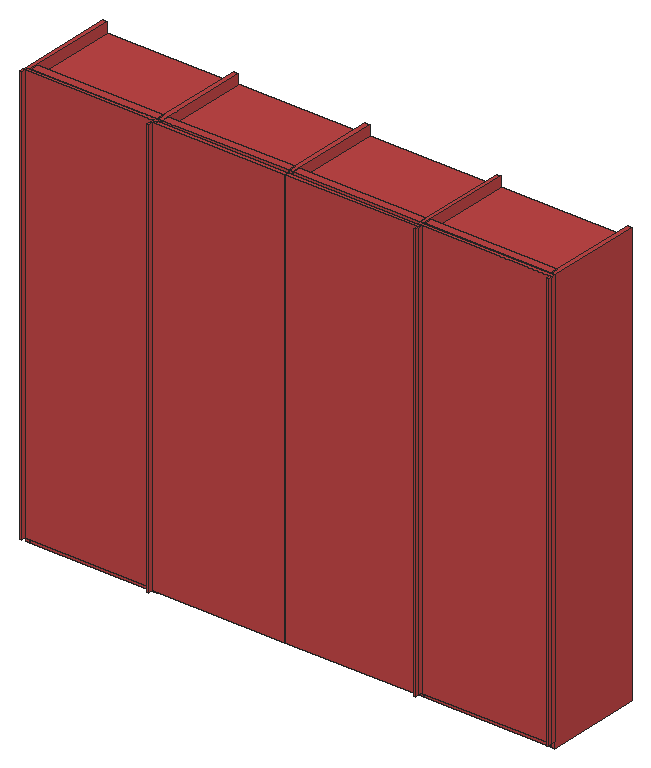
Revit family
Parameters
  URL = "www.tisettanta.com"
  Manufacturer = "Tisettanta"
  Model = "Centopercento Reloaded Scorrevole"
  Finitura esterna = 715 Rosso mogano- Tisettanta
  Description = "Armadio con struttura in tamburato, anta Slide, quattro colonne da L800"
  Type Comments = "colori e finiture sono puramente indicative, per le finiture reali fare riferimento al catalogo"
Reference planes
  plane 1: z = 0
  plane 2 "Altezza Totale": z = 2589
  plane 3 "Limite posteriore": y = 293
  plane 4: x = 560.56
Dimensions and locks
  locked: plane 2 "Altezza Totale" to level at 2589
Nested families
  nested 1: "SC struttura" at (-797.94, 0, 0), type "H2589 - L 800"
  nested 2: "Fianco chiusura" at (2160.56, 0, 0), type "FIANCO H2589"
  nested 3: "SC struttura" at (2.06, 0, 0), type "H2589 - L 800"
  nested 4: "SC struttura" at (802.06, 0, 0), type "H2589 - L 800"
  nested 5: "SC struttura" at (1602.06, 0, 0), type "H2589 - L 800"
  nested 6: "Anta Slide interna" at (-467.94, -10, 0), type "H2589 - L 818"
  nested 7: "Anta Slide interna" at (326.56, -33, 0), type "H2589 - L 818"
  nested 8: "Anta Slide interna" at (1589.06, -10, 0) x (-1, 0, 0) z (0, 0, 1), type "H2589 - L 818"
  nested 9: "Anta Slide interna" at (794.56, -33, 0) x (-1, 0, 0) z (0, 0, 1), type "H2589 - L 818"
Definition of nested family "SC struttura"
  Parameters (values of type "H2589 - L 1268")
    URL = "www.tisettanta.com"
    Profondità Struttura = 586 mm
    Manufacturer = "Tisettanta"
    Model = "Centopercento Reloaded"
    Materiale struttura = none
    Larghezza netta = 1243 mm
    Description = "Armadio con struttura in tamburato"
    Type Comments = "L nette disponibili= L775/L941/L1243"
    Altezza totale = 2589 mm
  Types (10, lengths in mm): name | Larghezza netta | Type Comments | Altezza totale
    (no name) | 1243 | "L nette disponibili= L775/L941/L1243" | 2589
    H2269 - L 800 | 775 | "L nette disponibili= L775/L941/L1243" | 2269
    H2269 - L 966 | 941 | "L nette disponibili= L775/L941/L1243" | 2269
    H2269 - L 1268 | 1243 | "" | 2269
    H2429 - L 1268 | 1243 | "L nette disponibili= L775/L941/L1243" | 2429
    H2429 - L 800 | 775 | "L nette disponibili= L775/L941/L1243" | 2429
    H2429 - L 966 | 941 | "L nette disponibili= L775/L941/L1243" | 2429
    H2589 - L 966 | 941 | "L nette disponibili= L775/L941/L1243" | 2589
    H2589 - L 800 | 775 | "L nette disponibili= L775/L941/L1243" | 2589
    H2589 - L 1268 | 1243 | "L nette disponibili= L775/L941/L1243" | 2589
  Reference planes
    plane 1 "Centro (Avanti/Indietro)": y = 0
    plane 2: z = 0
    plane 3 "Centro (Sinistra/Destra)": x = 0
    plane 4 "Altezza Totale": z = 2589
    plane 5: x = -229
    plane 6 "Limite DX": x = 1014
    plane 7 "Limite posteriore": y = 293
    plane 8 "Limite anteriore": y = -293
    plane 9 "Limite SX": x = -254
    plane 10 "Limite schienale": y = 283
    plane 11: y = 275
    plane 12 "Piano Base": z = 40
    plane 13: z = 65
    plane 14: y = -268
    plane 15: z = 2529
    plane 16: z = 2504
  Forms (mm)
    Extrusion 1, solid, material <- "Materiale struttura"
      sketch origin (0, 0, 0) x (1, 0, 0) y (0, 1, 0)
        loop
          line (-254, 293) -> (-254, -293) -> (-229, -293) -> (-229, 293) -> (-254, 293)
      from 0 to 2589
    Extrusion 2, solid, material <- "Materiale struttura"
      sketch origin (0, 0, 0) x (1, 0, 0) y (0, 1, 0)
        loop
          line (-229, 293) -> (-229, -293) -> (1014, -293) -> (1014, 293) -> (-229, 293)
      from 2504 to 2529
    Extrusion 3, solid, material <- "Materiale struttura"
      sketch origin (0, 0, 0) x (1, 0, 0) y (0, 1, 0)
        loop
          line (-229, 293) -> (-229, -293) -> (1014, -293) -> (1014, 293) -> (-229, 293)
      from 40 to 65
    Extrusion 4, solid, material <- "Materiale struttura"
      sketch origin (0, 0, 0) x (1, 0, 0) y (0, 1, 0)
        loop
          line (-229, 283) -> (-229, 275) -> (1014, 275) -> (1014, 283) -> (-229, 283)
      from 65 to 2504
    Extrusion 5, solid, material <- "Materiale struttura"
      sketch origin (0, 0, 0) x (1, 0, 0) y (0, 0, 1)
        loop
          line (-229, 40) -> (-229, 0) -> (1014, 0) -> (1014, 40) -> (-229, 40)
      from 268 to 293
    Extrusion 6, solid, material <- "Materiale struttura"
      sketch origin (0, 0, 0) x (0, 1, 0) y (0, 0, 1)
        loop
          line (-293, 2529) -> (-243, 2529) -> (-243, 2589) -> (-293, 2589) -> (-293, 2529)
      from -229 to 1014
  Dimensions and locks
    "Altezza totale": plane 4 "Altezza Totale" to level
    "Larghezza netta": plane 5 to plane 6 "Limite DX"
    "Profondità Struttura": plane 7 "Limite posteriore" to plane 8 "Limite anteriore"
    locked: plane 13 to plane 12 "Piano Base" at 25
    locked: plane 5 to plane 9 "Limite SX" at 25
    locked: plane 10 "Limite schienale" to plane 11 at 8
    locked: plane 7 "Limite posteriore" to plane 10 "Limite schienale" at 10
    plane 9 "Limite SX" to plane 6 "Limite DX" = 1268 mm
    plane 9 "Limite SX" to plane 5 = 25 mm
    locked: plane 15 to plane 16 at 25
    locked: plane 4 "Altezza Totale" to plane 15 at 60
    aligned and locked: plane 4 "Altezza Totale" to Extrusion 1
    aligned and locked: Extrusion 2 to plane 8 "Limite anteriore"
    aligned and locked: plane 7 "Limite posteriore" to Extrusion 2
    aligned and locked: plane 5 to Extrusion 2
    aligned and locked: plane 6 "Limite DX" to Extrusion 2
    aligned and locked: Extrusion 1 to Extrusion 3 sketch curve
    aligned and locked: Extrusion 3 sketch curve to Extrusion 2
    aligned and locked: Extrusion 2 to Extrusion 3 sketch curve
    aligned and locked: Extrusion 3 to plane 12 "Piano Base"
    aligned and locked: plane 13 to Extrusion 3
    aligned and locked: Extrusion 4 to plane 13
    aligned and locked: plane 16 to Extrusion 4
    aligned and locked: plane 15 to Extrusion 2
    aligned and locked: Extrusion 2 to plane 16
    aligned and locked: plane 6 "Limite DX" to Extrusion 6
    aligned and locked: plane 5 to Extrusion 6
  Automatic sketch dimensions
    Extrusion 1 sketch curve to plane 8 "Limite anteriore" = 0 mm
    Extrusion 1 sketch curve to plane 9 "Limite SX" = 0 mm
    Extrusion 1 sketch curve to plane 5 = 0 mm
    Extrusion 1 sketch curve to plane 7 "Limite posteriore" = 0 mm
    Extrusion 2 sketch curve to plane 8 "Limite anteriore" = 0 mm
    plane 9 "Limite SX" to Extrusion 2 sketch curve = 25 mm
    Extrusion 2 sketch curve to plane 7 "Limite posteriore" = 0 mm
    Extrusion 4 sketch curve to plane 5 = 0 mm
    Extrusion 4 sketch curve to plane 6 "Limite DX" = 0 mm
    Extrusion 4 sketch curve to plane 11 = 0 mm
    Extrusion 4 sketch curve to plane 10 "Limite schienale" = 0 mm
    Extrusion 3 sketch curve to plane 6 "Limite DX" = 0 mm
    Extrusion 2 sketch curve to plane 6 "Limite DX" = 0 mm
    Extrusion 5 sketch curve to level = 0 mm
    Extrusion 5 sketch curve to plane 5 = 0 mm
    Extrusion 5 sketch curve to plane 6 "Limite DX" = 0 mm
    Extrusion 5 sketch curve to plane 12 "Piano Base" = 0 mm
    Extrusion 6 sketch curve to plane 4 "Altezza Totale" = 0 mm
    Extrusion 6 sketch curve to plane 8 "Limite anteriore" = 0 mm
    Extrusion 6 sketch curve to plane 15 = 0 mm
    plane 14 to Extrusion 6 sketch curve = 25 mm
Definition of nested family "Fianco chiusura"
  Parameters (values of type "FIANCO H2269")
    URL = "www.tisettanta.com"
    Profondità Struttura = 586 mm
    Manufacturer = "Tisettanta"
    Model = "Centopercento Reloaded"
    Materiale = none
    Description = "Fianco di chiusura"
    Type Comments = ""
    Assembly Code = ""
    Altezza totale = 2269 mm
  Types (4, lengths in mm): name | Altezza totale
    FIANCO H2269 | 2269
    FIANCO H2429 | 2429
    FIANCO H2589 | 2589
    FIANCO H2877 | 2877
  Reference planes
    plane 1 "Centro (Avanti/Indietro)": y = 0
    plane 2: z = 0
    plane 3 "Centro (Sinistra/Destra)": x = 0
    plane 4 "Altezza Totale": z = 2269
    plane 5: x = 12.5
    plane 6 "Limite posteriore": y = 293
    plane 7 "Limite anteriore": y = -293
    plane 8 "Limite SX": x = -12.5
  Forms (mm)
    Extrusion 1, solid, material <- "Materiale"
      sketch origin (0, 0, 0) x (1, 0, 0) y (0, 1, 0)
        loop
          line (-12.5, 293) -> (-12.5, -293) -> (12.5, -293) -> (12.5, 293) -> (-12.5, 293)
      from 0 to 2269
  Dimensions and locks
    "Altezza totale": plane 4 "Altezza Totale" to level
    "Profondità Struttura": plane 6 "Limite posteriore" to plane 7 "Limite anteriore"
    locked: plane 5 to plane 8 "Limite SX" at 25
    plane 8 "Limite SX" to plane 5 = 25 mm
    aligned and locked: plane 4 "Altezza Totale" to Extrusion 1
  Automatic sketch dimensions
    Extrusion 1 sketch curve to plane 7 "Limite anteriore" = 0 mm
    Extrusion 1 sketch curve to plane 8 "Limite SX" = 0 mm
    Extrusion 1 sketch curve to plane 5 = 0 mm
    Extrusion 1 sketch curve to plane 6 "Limite posteriore" = 0 mm
Definition of nested family "Anta Slide interna"
  Parameters (values of type "H2589 - L 985")
    URL = "www.tisettanta.com"
    Manufacturer = "Tisettanta"
    Model = "Centopercento Reloaded"
    Materiale Anta = none
    Larghezza = 985 mm
    Description = "Anta realizzata in tamburato con profili ma-niglia in alluminio anodizzato naturale o laccato seta."
    Type Comments = "Scorrevole"
    Assembly Code = ""
    Altezza totale = 2589 mm
    Altezza anta = Altezza totale - 33 mm  # 2556 mm
  Types (6, lengths in mm): name | Larghezza | Altezza totale | Altezza anta
    H2269 - L 985 | 985 | 2269 | 2236
    H2269 - L 818 | 818 | 2269 | 2236
    H2429 - L 818 | 818 | 2429 | 2396
    H2429 - L 985 | 985 | 2429 | 2396
    H2589 - L 818 | 818 | 2589 | 2556
    H2589 - L 985 | 985 | 2589 | 2556
  Reference planes
    plane 1: z = 0
    plane 2 "Altezza Totale": z = 2589
    plane 3: y = -306
    plane 4 "Appoggio struttura": y = -283
    plane 5: x = -584
    plane 6: x = 401
    plane 7: y = -330
    plane 8: z = 33
  Forms (mm)
    Extrusion 1, solid, material <- "Materiale Anta"
      sketch origin (0, 0, 0) x (1, 0, 0) y (0, 0, 1)
        loop
          line (-584, 2589) -> (-584, 33) -> (401, 33) -> (401, 2589) -> (-584, 2589)
      from 283 to 306
    Extrusion 2, solid, material <- "Materiale Anta"
      sketch origin (0, 0, 0) x (1, 0, 0) y (0, 1, 0)
        loop
          line (-584, -306) -> (-584, -330) -> (-574, -330) -> (-574, -306) -> (-584, -306)
      from 33 to 2589
  Dimensions and locks
    locked: plane 3 to plane 4 "Appoggio struttura" at 23
    "Larghezza": plane 5 to plane 6
    plane 7 to plane 4 "Appoggio struttura" = 47 mm
    locked: Extrusion 2 to Extrusion 2 at 10
    "Altezza totale": plane 2 "Altezza Totale" to plane 1
    plane 5 to plane 6 = 985 mm
    "Altezza anta": plane 2 "Altezza Totale" to plane 8
    aligned and locked: plane 2 "Altezza Totale" to Extrusion 1
    aligned and locked: plane 3 to Extrusion 1
    aligned and locked: plane 4 "Appoggio struttura" to Extrusion 1
    aligned and locked: plane 5 to Extrusion 1
    aligned and locked: plane 6 to Extrusion 1
    aligned and locked: plane 2 "Altezza Totale" to Extrusion 2
    aligned and locked: plane 5 to Extrusion 2
    aligned and locked: Extrusion 1 to plane 8
    aligned and locked: Extrusion 2 to plane 8
  Automatic sketch dimensions
    Extrusion 1 sketch curve to plane 5 = 0 mm
    Extrusion 1 sketch curve to plane 6 = 0 mm
    Extrusion 1 sketch curve to plane 8 = 0 mm
    Extrusion 1 sketch curve to plane 2 "Altezza Totale" = 0 mm
    Extrusion 2 sketch curve to plane 5 = 0 mm
    Extrusion 2 sketch curve to plane 3 = 0 mm
    Extrusion 2 sketch curve to plane 7 = 0 mm
    Extrusion 2 sketch curve to Extrusion 2 sketch curve = 10 mm
